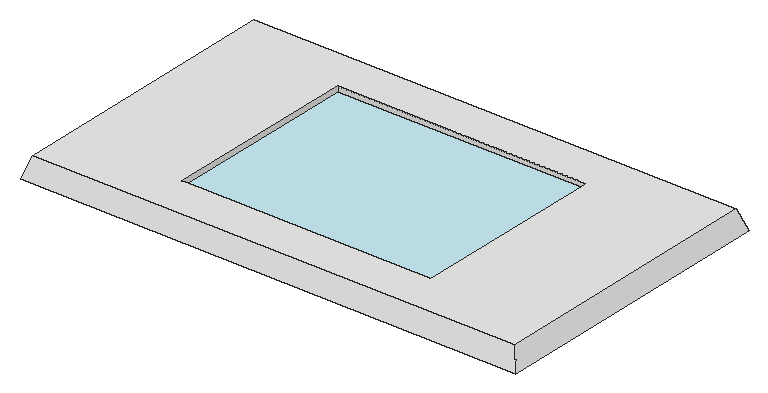
Revit family "ES-LCD", category Mechanical Equipment, Revit 2018
Family settings
  Round Connector Dimension = Use Diameter
  Part Type = Normal
  OmniClass Number = 23.75.00.00
  OmniClass Title = Climate Control (HVAC)
  Work Plane-Based = Yes
  Always vertical = No
  Cut with Voids When Loaded = No
  Shared = No
  Room Calculation Point = No
Parameters (values of type "ES-LCD2")
  wall_offset [instance] = if(Surface Mounted, 45 mm, 16 mm)  # 16 mm
  Width = 145 mm
  Weight = 0.25 kg
  Unit Description = "Wall Mounted LCD Fan Controller"
  Type Comments = Description  # "Wall Mounted LCD Fan Controller"
  Revit Family Last Revised = "23/04/21"  # constant formula
  Surface Mounted [instance] = no
  Quote Reference [instance] = ""
  Project Reference [instance] = ""
  Order Reference [instance] = ""
  OmniClass Title = "Fans"
  OmniClass Number = "23-33 31 19"
  Nuaire Model Code = "ES-LCD2"
  Manufacturer Name = "Nuaire"  # constant formula
  Location Reference [instance] = ""
  IFCExportAs = "IfcFanType"
  I&M Manual = "http://www.nuaire.info/IandM/671415.pdf"
  Height = 85 mm
  Model Drawn by = "Michael Grote"  # constant formula
  Maximum Ambient Temperature = 40 °C
  Depth [instance] = if(Surface Mounted, 35 mm, 6 mm)  # 6 mm
  Default Elevation = 1219.2 mm
  Classification.Uniclass.Pr.Number = "Pr_65_67_29"
  Classification.Uniclass.Pr.Description = "Fans"
  Catalogue Pages = ""
  URL = "http://www.nuaire.co.uk"
  Warranty Period = "1 Years"
  Weatherproof or Internal Only = "Internal"
  Manufacturer = Manufacturer Name  # "Nuaire"
  Description = Unit Description  # "Wall Mounted LCD Fan Controller"
  Address = "Western Industrial Estate, Caerphilly, UK"  # constant formula
  Postcode = "CF83 1NA"  # constant formula
  Telephone Number = "+44(0)2920-858-200"  # constant formula
  Fax Number = "+44(0)2920-858-222"  # constant formula
  Email Address = "info@nuaire.co.uk"  # constant formula
  VAT Registration Number = "877308"  # constant formula
  Model = Nuaire Model Code  # "ES-LCD2"
Types (4, lengths in mm): name | wall_offset | Width | Unit Description | Type Comments | Surface Mounted | Nuaire Model Code | I&M Manual | Height | Depth | Catalogue Pages | Warranty Period | Description | Model
  ES-LCD | 16 | 145 | "Wall Mounted LCD Fan Controller" | "Wall Mounted LCD Fan Controller" | no | "ES-LCD" | "http://www.nuaire.info/IandM/671415.pdf" | 85 | 6 | "" | "1 Years" | "Wall Mounted LCD Fan Controller" | "ES-LCD"
  ES-UCFH | 45 | 163 | "Wall Mounted Low Voltage Fan Speed Controller - Ventilation and Heating" | "Wall Mounted Low Voltage Fan Speed Controller - Ventilation and Heating" | yes | "ES-UCFH" | "http://nuaire.info/IandM/671506.pdf" | 75 | 35 | "http://www.nuaire.info/catalogue/AHU-CAHU.pdf" | "3 Years" | "Wall Mounted Low Voltage Fan Speed Controller - Ventilation and Heating" | "ES-UCFH"
  ES-UCFHC | 45 | 163 | "Wall Mounted Low Voltage Fan Speed Controller - Ventilation, Heating and Cooling" | "Wall Mounted Low Voltage Fan Speed Controller - Ventilation, Heating and Cooling" | yes | "ES-UCFHC" | "http://nuaire.info/IandM/671506.pdf" | 75 | 35 | "http://www.nuaire.info/catalogue/AHU-CAHU.pdf" | "3 Years" | "Wall Mounted Low Voltage Fan Speed Controller - Ventilation, Heating and Cooling" | "ES-UCFHC"
  ES-LCD2 | 16 | 145 | "Wall Mounted LCD Fan Controller" | "Wall Mounted LCD Fan Controller" | no | "ES-LCD2" | "http://www.nuaire.info/IandM/671415.pdf" | 85 | 6 | "" | "1 Years" | "Wall Mounted LCD Fan Controller" | "ES-LCD2"
Reference planes
  plane 1 "Center (Front/Back)": y = 0
  plane 2: z = 0
  plane 3 "Center (Left/Right)": x = 0
  plane 4: z = 16
  plane 5: z = 10
  plane 6: z = -19
  plane 7: z = 14.5
Forms (mm)
  Blend 1, solid, material "White Plastic"
    base sketch origin (0, 0, 0) x (1, 0, 0) y (0, 1, 0)
      loop
        line (-72.5, 42.5) -> (-72.5, -42.5) -> (72.5, -42.5) -> (72.5, 42.5) -> (-72.5, 42.5)
    top sketch origin (0, 0, 0) x (1, 0, 0) y (0, 1, 0)
      loop
        line (-70.5, 40.5) -> (-70.5, -40.5) -> (70.5, -40.5) -> (70.5, 40.5) -> (-70.5, 40.5)
    from 10 to 16
  Extrusion 2, solid, material "White Plastic", visible <- "Surface Mounted"
    sketch origin (0, 0, 0) x (1, 0, 0) y (0, 1, 0)
      loop
        line (-72.5, 42.5) -> (-72.5, -42.5) -> (72.5, -42.5) -> (72.5, 42.5) -> (-72.5, 42.5)
    from -19 to 10
  Extrusion 3, void
    sketch origin (0, 0, 0) x (1, 0, 0) y (0, 1, 0)
      loop
        line (-36.5, 28.5) -> (-36.5, -28.5) -> (36.5, -28.5) -> (36.5, 28.5) -> (-36.5, 28.5)
    from 14.5 to 16
Cuts and joins
  Extrusion 3 cuts Blend 1
  Extrusion 3 cuts Extrusion 2
Dimensions and locks
  locked: plane 4 to plane 6 at 35
  locked: plane 4 to plane 5 at 6
  "wall_offset": plane 4 to plane 2
  locked: plane 4 to plane 7 at 1.5
  aligned and locked: level to plane 2
  aligned and locked: Blend 1 to plane 5
  aligned and locked: plane 4 to Blend 1
  aligned and locked: Extrusion 2 to plane 6
  aligned and locked: plane 5 to Extrusion 2
  aligned and locked: Extrusion 3 to plane 7
  aligned and locked: plane 4 to Extrusion 3
Automatic sketch dimensions
  Blend 1 sketch curve to plane 1 "Center (Front/Back)" = 42.5 mm
  Blend 1 sketch curve to plane 1 "Center (Front/Back)" = 40.5 mm
  Extrusion 2 sketch curve to plane 1 "Center (Front/Back)" = 42.5 mm
  plane 3 "Center (Left/Right)" to Blend 1 sketch curve = 72.5 mm
  plane 3 "Center (Left/Right)" to Blend 1 sketch curve = 70.5 mm
  plane 3 "Center (Left/Right)" to Extrusion 2 sketch curve = 72.5 mm
  Blend 1 sketch curve to plane 3 "Center (Left/Right)" = 72.5 mm
  Blend 1 sketch curve to plane 3 "Center (Left/Right)" = 70.5 mm
  Extrusion 2 sketch curve to plane 3 "Center (Left/Right)" = 72.5 mm
  plane 1 "Center (Front/Back)" to Blend 1 sketch curve = 42.5 mm
  plane 1 "Center (Front/Back)" to Blend 1 sketch curve = 40.5 mm
  plane 1 "Center (Front/Back)" to Extrusion 2 sketch curve = 42.5 mm
  Extrusion 3 sketch curve to plane 1 "Center (Front/Back)" = 28.5 mm
  plane 3 "Center (Left/Right)" to Extrusion 3 sketch curve = 36.5 mm
  Extrusion 3 sketch curve to plane 3 "Center (Left/Right)" = 36.5 mm
  plane 1 "Center (Front/Back)" to Extrusion 3 sketch curve = 28.5 mm
